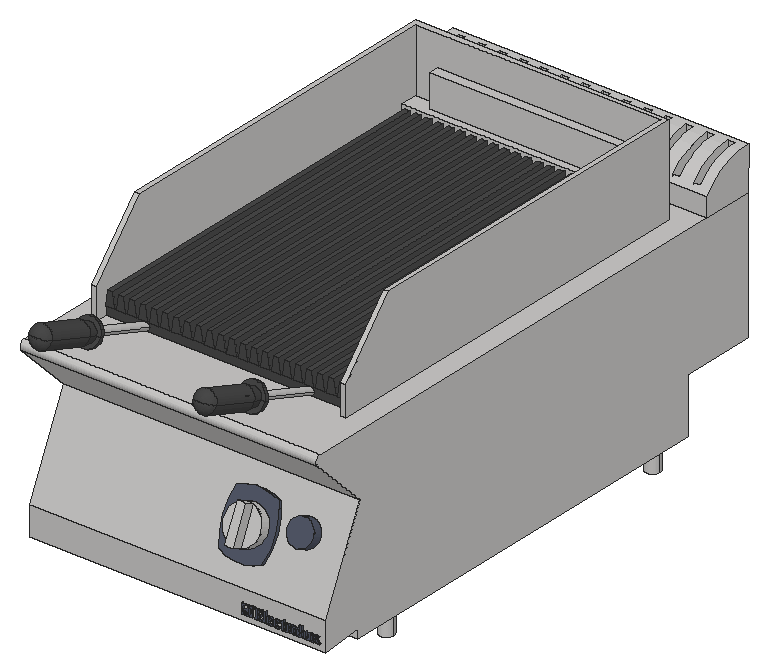
Revit family "QF_ELECTROLUXPROFESSIONAL_371044_E7GRGDLC00", category Specialty Equipment, Revit 2018
Family settings
  Round Connector Dimension = Use Diameter
  Part Type = Normal
  Work Plane-Based = No
  Always vertical = Yes
  Cut with Voids When Loaded = No
  Shared = No
  Room Calculation Point = No
Parameters
  Width = 400.05 mm  # constant formula
  Weight in Pounds = 71  # constant formula
  Watts = 0 W
  URL Cutsheet = "www.electrolux.com/foodservice"
  URL = "www.electrolux.com/foodservice"
  Type Mark [instance] = ""
  Status [instance] = ""
  Specification by User [instance] = ""
  Specification by Manufacturer = ""
  Show Logo [instance] = yes
  Show Clearance [instance] = yes
  Serial Number = ""
  Seismic Rating = ""
  SMACNA No = ""
  Revision Code [instance] = ""
  Omniclass Number and Title = ""
  NAFEM Spec ID Number = ""
  Model = "371044"
  Mechanical Remarks = ""
  Mechanical Connection Type = ""
  Masterspec = ""
  Manufacturer = "ELECTROLUX"
  Item Number [instance] = ""
  Installed By [instance] = ""
  Identify Quantity as Lot [instance] = yes
  Height = 396 mm  # constant formula
  HP = "0 HP"
  Gas Size = 12.7 mm  # 1/2"
  Gas RI Height [instance] = 0 mm
  Gas KW = 7  # constant formula
  Gas Input [instance] = 6993.55 VA  # 23863.0 Btu/h
  Gas Connection Height = 0 mm
  Furnished By [instance] = ""
  Foodservice Equipment Identifier [instance] = yes
  Direct Waste Size = 0"
  Description = "700XP Half Module Gas Lava Stone Grill Top"
  Depth = 730.25 mm  # constant formula
  CSI MasterFormat = ""
  CSI Master Format = ""
  Base Height [instance] = 23.813 mm  # constant formula
  Assembly Code = ""
Reference planes
  plane 1 "BACK": y = 0
  plane 2: z = 0
  plane 3 "LEFT": x = 0
  plane 4 "RIGHT": x = 400.05
  plane 5 "FRONT": y = -730.25
  plane 6 "TOP": z = 288.925
  plane 7 "Center Y": x = 200.025
  plane 8 "Center X": y = -365.125
  plane 9 "BASE": z = 23.813
  plane 10 "TOP A": z = 274.638
  plane 11: y = -597.884
  plane 12: y = -147.637
  plane 13: z = 396
Forms (mm)
  Extrusion 1, solid, material "QF_Finishes_Stainless Steel"
    sketch origin (0, 0, 0) x (0, 1, 0) y (0, 0, 1)
      loop
        line (0, 274.638) -> (-723.112, 274.638)
        arc (-723.112, 274.638) -> (-729.807, 270.164) -> (-728.236, 262.266) r 7.247
        line (-728.236, 262.266) -> (-657.416, 191.447) -> (-713.772, 69.003) -> (-713.772, 30.903) -> (-660.4, 36.513) -> (-660.4, 23.812) -> (-101.6, 23.812) -> (-101.6, 98.425) -> (0, 98.425) -> (0, 274.638)
    from 0 to 400.05
  Extrusion 2, solid, material "QF_Finishes_Stainless Steel"
    sketch origin (0, 0, 0) x (1, 0, 0) y (0, 1, 0)
      loop
        circle (11.112, -147.638) r 9.525
      loop
        circle (11.112, -597.884) r 9.525
      loop
        circle (388.937, -147.638) r 9.525
      loop
        circle (388.937, -597.884) r 9.525
    from 0 to 23.813
  Extrusion 3, solid, material "QF_Finishes_Navy Blue", visible <- "Show Logo"
    sketch origin (0, -713.772, 30.903) x (0, 0, 1) y (-1, 0, 0)
      loop
        line (20.674, -296.698) -> (8.307, -296.698)
        arc (8.307, -296.698) -> (14.491, -301.27) -> (20.674, -296.698) r 6.467
      loop
        arc (20.674, -296.069) -> (19.505, -290.926) -> (14.849, -288.448) r 6.338
        line (14.849, -288.448) -> (14.849, -290.494)
        arc (14.849, -290.494) -> (16.333, -294.149) -> (19.778, -296.069) r 5.941
        line (19.778, -296.069) -> (20.674, -296.069)
      loop
        arc (9.203, -296.069) -> (12.648, -294.149) -> (14.132, -290.494) r 5.941
        line (14.132, -290.494) -> (14.132, -288.448)
        arc (14.132, -288.448) -> (9.438, -290.922) -> (8.148, -296.069) r 6.504
        line (8.148, -296.069) -> (9.203, -296.069)
      loop
        line (21.349, -287.979) -> (7.604, -287.979) -> (7.604, -301.742) -> (21.349, -301.742) -> (21.349, -287.979)
      loop
        arc (21.432, -304.71) -> (21.085, -304.352) -> (20.718, -304.69) r 0.358
        arc (20.718, -304.69) -> (20.404, -305.44) -> (19.687, -305.825) r 1.216
        line (19.687, -305.825) -> (9.274, -305.825)
        arc (9.274, -305.825) -> (8.614, -305.548) -> (8.218, -304.951) r 1.238
        arc (8.218, -304.951) -> (7.823, -304.7) -> (7.518, -305.054) r 0.358
        line (7.518, -305.054) -> (7.518, -314.933) -> (10.269, -314.933) -> (10.269, -314.036)
        arc (10.269, -314.036) -> (9.36, -313.456) -> (8.904, -312.479) r 1.928
        line (8.904, -312.479) -> (8.904, -309.98)
        arc (8.904, -309.98) -> (9.18, -309.251) -> (9.868, -308.887) r 1.101
        line (9.868, -308.887) -> (13.955, -308.887) -> (13.955, -312.561)
        arc (13.955, -312.561) -> (13.602, -313.058) -> (13.037, -313.286) r 1.083
        arc (13.037, -313.286) -> (12.773, -313.591) -> (13.065, -313.869) r 0.292
        line (13.065, -313.869) -> (16.028, -313.869)
        arc (16.028, -313.869) -> (16.33, -313.596) -> (16.092, -313.266) r 0.305
        arc (16.092, -313.266) -> (15.601, -313.018) -> (15.296, -312.561) r 1.083
        line (15.296, -312.561) -> (15.296, -308.887) -> (19.973, -308.887) -> (19.973, -312.635)
        arc (19.973, -312.635) -> (19.759, -313.39) -> (19.153, -313.888) r 1.314
        arc (19.153, -313.888) -> (18.934, -314.292) -> (19.288, -314.585) r 0.361
        line (19.288, -314.585) -> (21.432, -314.585) -> (21.432, -304.71)
      loop
        arc (20.715, -315.365) -> (20.335, -316.284) -> (19.416, -316.664) r 1.299
        line (19.416, -316.664) -> (9.837, -316.664)
        arc (9.837, -316.664) -> (8.999, -316.286) -> (8.728, -315.408) r 1.118
        line (8.728, -315.408) -> (7.518, -315.408) -> (7.518, -320.758) -> (8.706, -320.758)
        arc (8.706, -320.758) -> (8.978, -319.841) -> (9.848, -319.445) r 1.153
        line (9.848, -319.445) -> (21.92, -319.445) -> (20.715, -315.365)
      loop
        line (12.483, -323.394) -> (12.483, -329.842) -> (13.282, -329.842)
        arc (13.282, -329.842) -> (15.862, -328.857) -> (17.131, -326.404) r 3.874
        line (17.131, -326.404) -> (17.131, -324.643)
        arc (17.131, -324.643) -> (15.944, -321.778) -> (13.08, -320.592) r 4.051
        line (13.08, -320.592) -> (11.072, -320.592)
        arc (11.072, -320.592) -> (8.253, -322.077) -> (7.202, -325.084) r 4.352
        arc (7.202, -325.084) -> (7.566, -327.547) -> (8.943, -329.621) r 5.713
        line (8.943, -329.621) -> (9.892, -329.621)
        arc (9.892, -329.621) -> (9.16, -328.052) -> (8.943, -326.334) r 5.579
        arc (8.943, -326.334) -> (9.737, -324.371) -> (11.616, -323.394) r 3.057
        line (11.616, -323.394) -> (12.483, -323.394)
      loop
        line (13.742, -323.394) -> (13.742, -326.977)
        arc (13.742, -326.977) -> (15.199, -327.024) -> (16.082, -325.864) r 1.59
        line (16.082, -325.864) -> (16.082, -325.034)
        arc (16.082, -325.034) -> (15.217, -323.779) -> (13.742, -323.394) r 2.184
      loop
        arc (16.533, -339.259) -> (17.022, -337.585) -> (17.179, -335.848) r 9.023
        line (17.179, -335.848) -> (17.179, -334.486)
        arc (17.179, -334.486) -> (16.02, -331.686) -> (13.22, -330.527) r 3.959
        line (13.22, -330.527) -> (10.62, -330.527)
        arc (10.62, -330.527) -> (8.338, -331.819) -> (7.221, -334.192) r 4.331
        line (7.221, -334.192) -> (7.221, -336.327)
        arc (7.221, -336.327) -> (7.729, -337.877) -> (8.651, -339.223) r 5.772
        arc (8.651, -339.223) -> (9.412, -339.274) -> (9.499, -338.515) r 0.553
        arc (9.499, -338.515) -> (9.111, -337.781) -> (8.977, -336.962) r 2.573
        line (8.977, -336.962) -> (8.977, -335.447)
        arc (8.977, -335.447) -> (9.983, -333.806) -> (11.798, -333.163) r 2.884
        line (11.798, -333.163) -> (13.077, -333.163)
        arc (13.077, -333.163) -> (14.898, -333.723) -> (15.824, -335.388) r 2.554
        line (15.824, -335.388) -> (15.824, -336.441)
        arc (15.824, -336.441) -> (15.493, -337.369) -> (14.836, -338.104) r 2.564
        arc (14.836, -338.104) -> (14.614, -338.821) -> (15.223, -339.259) r 0.643
        line (15.223, -339.259) -> (16.533, -339.259)
      loop
        line (15.515, -339.53) -> (15.515, -341.031) -> (9.467, -341.031)
        arc (9.467, -341.031) -> (7.879, -341.688) -> (7.221, -343.276) r 2.246
        line (7.221, -343.276) -> (7.221, -344.86)
        arc (7.221, -344.86) -> (7.535, -345.725) -> (8.035, -346.496) r 4.06
        arc (8.035, -346.496) -> (8.768, -346.629) -> (9.019, -345.928) r 0.576
        arc (9.019, -345.928) -> (8.913, -345.403) -> (8.977, -344.87) r 1.69
        arc (8.977, -344.87) -> (9.519, -344.082) -> (10.425, -343.779) r 1.506
        line (10.425, -343.779) -> (15.563, -343.779) -> (15.563, -346.176) -> (16.119, -346.733) -> (16.941, -346.733) -> (16.941, -343.873) -> (20.172, -343.873) -> (15.515, -339.53)
      loop
        line (7.438, -347.63) -> (7.438, -353.017) -> (8.548, -353.017)
        arc (8.548, -353.017) -> (8.942, -352.066) -> (9.893, -351.672) r 1.345
        line (9.893, -351.672) -> (13.509, -351.672)
        arc (13.509, -351.672) -> (14.274, -352.264) -> (14.564, -353.186) r 1.615
        line (14.564, -353.186) -> (14.564, -354.742) -> (17.119, -355.427) -> (17.119, -354.044) -> (15.177, -351.485) -> (17.057, -351.485) -> (16.773, -348.779)
        arc (16.773, -348.779) -> (16.333, -348.249) -> (15.674, -348.45) r 0.621
        arc (15.674, -348.45) -> (15.274, -348.792) -> (14.78, -348.975) r 1.501
        line (14.78, -348.975) -> (9.893, -348.975)
        arc (9.893, -348.975) -> (8.942, -348.581) -> (8.548, -347.63) r 1.345
        line (8.548, -347.63) -> (7.438, -347.63)
      loop
        line (13.54, -354.964) -> (10.848, -354.964)
        arc (10.848, -354.964) -> (8.403, -356.272) -> (7.269, -358.803) r 4.288
        arc (7.269, -358.803) -> (7.205, -360.183) -> (7.269, -361.563) r 15.022
        arc (7.269, -361.563) -> (8.403, -364.094) -> (10.848, -365.401) r 4.288
        line (10.848, -365.401) -> (13.54, -365.401)
        arc (13.54, -365.401) -> (15.986, -364.094) -> (17.119, -361.563) r 4.288
        arc (17.119, -361.563) -> (17.183, -360.183) -> (17.119, -358.803) r 15.022
        arc (17.119, -358.803) -> (15.986, -356.272) -> (13.54, -354.964) r 4.288
      loop
        line (13.745, -358.078) -> (10.643, -358.078)
        arc (10.643, -358.078) -> (8.486, -360.235) -> (10.643, -362.392) r 2.157
        line (10.643, -362.392) -> (13.745, -362.392)
        arc (13.745, -362.392) -> (15.902, -360.235) -> (13.745, -358.078) r 2.157
      loop
        arc (20.726, -365.26) -> (20.355, -366.154) -> (19.461, -366.524) r 1.264
        line (19.461, -366.524) -> (9.597, -366.524)
        arc (9.597, -366.524) -> (8.727, -366.127) -> (8.455, -365.211) r 1.153
        line (8.455, -365.211) -> (7.518, -365.211) -> (7.518, -370.319) -> (8.446, -370.319)
        arc (8.446, -370.319) -> (8.805, -369.547) -> (9.597, -369.232) r 1.153
        line (9.597, -369.232) -> (21.92, -369.232) -> (20.726, -365.26)
      loop
        arc (15.846, -369.857) -> (15.647, -370.921) -> (14.678, -371.403) r 1.215
        line (14.678, -371.403) -> (9.658, -371.403)
        arc (9.658, -371.403) -> (8.043, -372.051) -> (7.322, -373.634) r 2.338
        line (7.322, -373.634) -> (7.322, -375.148)
        arc (7.322, -375.148) -> (7.497, -376.152) -> (7.999, -377.038) r 2.979
        line (7.999, -377.038) -> (7.518, -378.835) -> (7.518, -380.524) -> (16.943, -380.524) -> (16.649, -376.32) -> (15.863, -376.32)
        arc (15.863, -376.32) -> (15.507, -377.156) -> (14.755, -377.665) r 1.605
        line (14.755, -377.665) -> (9.652, -377.665)
        arc (9.652, -377.665) -> (9.232, -376.728) -> (9.159, -375.704) r 2.94
        arc (9.159, -375.704) -> (9.72, -374.603) -> (10.873, -374.16) r 1.724
        line (10.873, -374.16) -> (17.07, -374.16) -> (15.846, -369.857)
      loop
        line (16.874, -381.377) -> (15.202, -383.423) -> (12.028, -385.729) -> (8.572, -382.617)
        arc (8.572, -382.617) -> (8.335, -382.223) -> (8.357, -381.764) r 0.789
        line (8.357, -381.764) -> (7.518, -381.764) -> (7.518, -385.309) -> (8.344, -385.309)
        arc (8.344, -385.309) -> (8.686, -384.947) -> (9.176, -385.039) r 0.52
        line (9.176, -385.039) -> (10.976, -386.51) -> (8.858, -387.886)
        arc (8.858, -387.886) -> (8.457, -387.576) -> (8.37, -387.076) r 0.7
        line (8.37, -387.076) -> (7.518, -387.076) -> (7.518, -393.003) -> (8.405, -393.003)
        arc (8.405, -393.003) -> (8.472, -392.344) -> (8.866, -391.813) r 1.247
        line (8.866, -391.813) -> (13.066, -388.532) -> (15.513, -390.585) -> (16.874, -392.327) -> (16.874, -388.604) -> (15.389, -389.026) -> (13.868, -387.749) -> (15.568, -386.559) -> (16.874, -387.336) -> (16.874, -381.377)
    from 0 to 1.644
  Extrusion 4, solid, material "QF_Finishes_Stainless Steel"
    sketch origin (0, -101.6, 101.6) x (0, 0, -1) y (-1, 0, 0)
      loop
        circle (43.882, -347.663) r 6.35
    from 0 to 3.175
  Extrusion 5, solid, material "QF_Finishes_Clearance", visible <- "Show Clearance", detail levels coarse
    sketch origin (0, 0, 0) x (1, 0, 0) y (0, 1, 0)
      loop
        line (0, -730.25) -> (0, 0) -> (400.05, 0) -> (400.05, -730.25) -> (550.069, -730.25) -> (550.069, 150.019) -> (-150.019, 150.019) -> (-150.019, -730.25) -> (0, -730.25)
    from 0 to 396
  Extrusion 6, solid, material "QF_Finishes_Stainless Steel"
    sketch origin (0, 0, 0) x (0, 1, 0) y (0, 0, 1)
      loop
        line (0, 274.638) -> (0, 333.375)
        arc (0, 333.375) -> (-38.879, 324.991) -> (-69.85, 300.038) r 86.156
        line (-69.85, 300.038) -> (-69.85, 274.638) -> (0, 274.638)
    from 0 to 400.05
  Extrusion 7, void
    sketch origin (0, 0, 274.638) x (-1, 0, 0) y (0, -1, 0)
      loop
        line (-13.453, 6.761) -> (-13.453, 63.911) -> (-22.749, 63.911) -> (-22.749, 6.761) -> (-13.453, 6.761)
    from 25.4 to 63.5
  Extrusion 8, void
    sketch origin (400.05, 0, 274.638) x (1, 0, 0) y (0, 1, 0)
      loop
        line (-13.453, -6.761) -> (-22.749, -6.761) -> (-22.749, -63.911) -> (-13.453, -63.911) -> (-13.453, -6.761)
    from 25.4 to 63.5
  Extrusion 9, void
    sketch origin (27.988, 0, 274.638) x (-1, 0, 0) y (0, -1, 0)
      loop
        line (-13.453, 6.761) -> (-13.453, 63.911) -> (-22.749, 63.911) -> (-22.749, 6.761) -> (-13.453, 6.761)
    from 25.4 to 63.5
  Extrusion 10, void
    sketch origin (55.977, 0, 274.638) x (-1, 0, 0) y (0, -1, 0)
      loop
        line (-13.453, 6.761) -> (-13.453, 63.911) -> (-22.749, 63.911) -> (-22.749, 6.761) -> (-13.453, 6.761)
    from 25.4 to 63.5
  Extrusion 11, void
    sketch origin (83.965, 0, 274.638) x (-1, 0, 0) y (0, -1, 0)
      loop
        line (-13.453, 6.761) -> (-13.453, 63.911) -> (-22.749, 63.911) -> (-22.749, 6.761) -> (-13.453, 6.761)
    from 25.4 to 63.5
  Extrusion 12, void
    sketch origin (111.953, 0, 274.638) x (-1, 0, 0) y (0, -1, 0)
      loop
        line (-13.453, 6.761) -> (-13.453, 63.911) -> (-22.749, 63.911) -> (-22.749, 6.761) -> (-13.453, 6.761)
    from 25.4 to 63.5
  Extrusion 13, void
    sketch origin (139.942, 0, 274.638) x (-1, 0, 0) y (0, -1, 0)
      loop
        line (-13.453, 6.761) -> (-13.453, 63.911) -> (-22.749, 63.911) -> (-22.749, 6.761) -> (-13.453, 6.761)
    from 25.4 to 63.5
  Extrusion 14, void
    sketch origin (167.93, 0, 274.638) x (-1, 0, 0) y (0, -1, 0)
      loop
        line (-13.453, 6.761) -> (-13.453, 63.911) -> (-22.749, 63.911) -> (-22.749, 6.761) -> (-13.453, 6.761)
    from 25.4 to 63.5
  Extrusion 15, void
    sketch origin (195.918, 0, 274.638) x (-1, 0, 0) y (0, -1, 0)
      loop
        line (-13.453, 6.761) -> (-13.453, 63.911) -> (-22.749, 63.911) -> (-22.749, 6.761) -> (-13.453, 6.761)
    from 25.4 to 63.5
  Extrusion 16, void
    sketch origin (223.907, 0, 274.638) x (-1, 0, 0) y (0, -1, 0)
      loop
        line (-13.453, 6.761) -> (-13.453, 63.911) -> (-22.749, 63.911) -> (-22.749, 6.761) -> (-13.453, 6.761)
    from 25.4 to 63.5
  Extrusion 17, void
    sketch origin (251.895, 0, 274.638) x (-1, 0, 0) y (0, -1, 0)
      loop
        line (-13.453, 6.761) -> (-13.453, 63.911) -> (-22.749, 63.911) -> (-22.749, 6.761) -> (-13.453, 6.761)
    from 25.4 to 63.5
  Extrusion 18, void
    sketch origin (279.884, 0, 274.638) x (-1, 0, 0) y (0, -1, 0)
      loop
        line (-13.453, 6.761) -> (-13.453, 63.911) -> (-22.749, 63.911) -> (-22.749, 6.761) -> (-13.453, 6.761)
    from 25.4 to 63.5
  Extrusion 19, void
    sketch origin (307.872, 0, 274.638) x (-1, 0, 0) y (0, -1, 0)
      loop
        line (-13.453, 6.761) -> (-13.453, 63.911) -> (-22.749, 63.911) -> (-22.749, 6.761) -> (-13.453, 6.761)
    from 25.4 to 63.5
  Extrusion 20, void
    sketch origin (335.86, 0, 274.638) x (-1, 0, 0) y (0, -1, 0)
      loop
        line (-13.453, 6.761) -> (-13.453, 63.911) -> (-22.749, 63.911) -> (-22.749, 6.761) -> (-13.453, 6.761)
    from 25.4 to 63.5
  Sweep 21, solid, material "QF_Finishes_Stainless Steel"
    path origin (0, -2.381, 274.638) x (-1, 0, 0) y (0, -1, 0)
      loop
        line (-365.025, 642.504) -> (-365.025, 102.504) -> (-35.025, 102.504) -> (-35.025, 642.504)
    profile origin (35.025, -374.885, 274.638) x (1, 0, 0) y (0, 0, 1)
      loop
        line (-6.35, 0) -> (0, 0) -> (0, 121.362) -> (-6.35, 121.362) -> (-6.35, 0)
  Extrusion 22, void
    sketch origin (28.675, -98.535, 274.638) x (0, 1, 0) y (0, 0, 1)
      loop
        line (-546.35, 40.481) -> (-473.32, 121.363) -> (-546.35, 121.363) -> (-546.35, 40.481)
    from 0 to 6.35
  Extrusion 23, void
    sketch origin (371.375, -644.885, 274.638) x (0, -1, 0) y (0, 0, 1)
      loop
        line (0, 40.481) -> (0, 121.362) -> (-73.03, 121.362) -> (0, 40.481)
    from 0 to 6.35
  Extrusion 24, solid, material "QF_Finishes_Navy Blue"
    sketch origin (115.244, -713.772, 69.003) x (0, 0.418102, 0.9084) y (-1, 0, 0)
      loop
        arc (102.623, -132.62) -> (67.041, -124.996) -> (31.333, -132.003) r 90.5
        arc (31.333, -132.003) -> (24.507, -161.19) -> (31.333, -190.378) r 65.817
        arc (31.333, -190.378) -> (67.04, -197.338) -> (102.623, -189.765) r 91.066
        arc (102.623, -189.765) -> (109.179, -161.193) -> (102.623, -132.62) r 65.546
    from 0 to 3.175
  Extrusion 25, solid, material "QF_Finishes_Stainless Steel"
    sketch origin (115.244, -717.485, 68.529) x (0, 0.418102, 0.9084) y (-1, 0, 0)
      loop
        circle (68.826, -160.963) r 25.4
    from 0 to 12.7
  Extrusion 26, solid, material "QF_Finishes_Stainless Steel"
    sketch origin (115.244, -729.022, 73.839) x (0, 0.418102, 0.9084) y (-1, 0, 0)
      loop
        arc (93.558, -166.749) -> (94.226, -160.963) -> (93.558, -155.177) r 25.4
        line (93.558, -155.177) -> (44.094, -155.177)
        arc (44.094, -155.177) -> (43.426, -160.963) -> (44.094, -166.749) r 25.4
        line (44.094, -166.749) -> (93.558, -166.749)
    from 0 to 12.7
  Extrusion 27, solid, material "QF_Finishes_Navy Blue"
    sketch origin (0, -711.681, 73.545) x (0, 0.418102, 0.9084) y (-1, 0, 0)
      loop
        circle (76.064, -347.683) r 17.78
    from 0 to 12.7
  Extrusion 28, solid, material "QF_Finishes_Black"
    sketch origin (0, 0, 274.638) x (0, -1, 0) y (1, 0, 0)
      loop
        line (629.799, 35.025) -> (629.799, 365.025) -> (130.285, 365.025) -> (130.285, 35.025) -> (629.799, 35.025)
    from 0 to 12.7
  Extrusion 29, solid, material "QF_Finishes_Stainless Steel"
    sketch origin (0, 0, 274.638) x (0, -1, 0) y (1, 0, 0)
      loop
        line (130.285, 36.446) -> (130.285, 363.471) -> (107.795, 363.471) -> (107.795, 36.446) -> (130.285, 36.446)
    from 0 to 37.056
  Extrusion 30, solid, material "QF_Finishes_Stainless Steel"
    sketch origin (27.525, -633.969, 275.303) x (1, 0, 0) y (0, 0.34202, 0.939693)
      loop
        circle (61.287, 5.861) r 5
    from -3.7 to 98.551
  Extrusion 31, solid, material "QF_Finishes_Stainless Steel"
    sketch origin (372.525, -633.969, 275.303) x (-1, 0, 0) y (0, -0.34202, -0.939693)
      loop
        circle (61.287, -5.861) r 5
    from -3.7 to 98.551
  Extrusion 32, solid, material "QF_Finishes_Stainless Steel"
    sketch origin (0, 0, 311.693) x (0, -1, 0) y (1, 0, 0)
      loop
        line (107.795, 66.394) -> (120.723, 66.394) -> (120.723, 333.656) -> (107.795, 333.656) -> (107.795, 66.394)
    from 0 to 43.675
  Revolve 33, solid, material "QF_Finishes_Black"
    sketch origin (20, -80.514, 80.124) x (-1, 0, 0) y (0, -0.939693, 0.34202)
      loop
        line (-68.646, 685.384) -> (-50.452, 685.384) -> (-50.452, 689.246) -> (-56.809, 689.246) -> (-54.08, 704.719) -> (-54.08, 772.936)
        arc (-54.08, 772.936) -> (-59.651, 780.542) -> (-68.646, 783.364) r 15.108
        line (-68.646, 783.364) -> (-68.646, 685.384)
      axis (-68.875, 685.384) -> (-68.875, 783.364)
    angle from 0 to 360
  Extrusion 34, solid, material "QF_Finishes_Stainless Steel"
    sketch origin (388.95, 175.397, 1219.2) x (0, 1, 0) y (0, 0, 1)
      loop
        line (-276.997, -1195.388) -> (-840.343, -1195.388) -> (-840.343, -1215.388) -> (-837.168, -1215.388) -> (-837.168, -1198.588) -> (-816.997, -1198.588) -> (-816.997, -1215.388) -> (-276.997, -1215.388) -> (-276.997, -1195.388)
    from -287.35 to -90.5
  Extrusion 35, solid, material "QF_Finishes_Drawer Clearance", visible <- "Show Clearance", detail levels coarse
    sketch origin (388.95, -664.946, 23.813) x (0, 0, -1) y (1, 0, 0)
      loop
        line (0, -287.35) -> (20, -287.35) -> (20, -90.5) -> (0, -90.5) -> (0, -287.35)
    from 0 to 536.054
  Revolve 36, solid, material "QF_Finishes_Black"
    sketch origin (380.05, -80.514, 80.124) x (1, 0, 0) y (0, 0.939693, -0.34202)
      loop
        line (-68.646, -685.384) -> (-68.646, -783.364)
        arc (-68.646, -783.364) -> (-59.651, -780.542) -> (-54.08, -772.936) r 15.108
        line (-54.08, -772.936) -> (-54.08, -704.719) -> (-56.809, -689.246) -> (-50.452, -689.246) -> (-50.452, -685.384) -> (-68.646, -685.384)
      axis (-68.875, -685.384) -> (-68.875, -783.364)
    angle from 0 to 360
Cuts and joins
  Extrusion 7, Extrusion 8, Extrusion 9, Extrusion 10, Extrusion 11, Extrusion 12, Extrusion 13, Extrusion 14, Extrusion 15, Extrusion 16, Extrusion 17, Extrusion 18, Extrusion 19, Extrusion 20 cuts Extrusion 6
  Extrusion 22, Extrusion 23 cuts Sweep 21
Lines and regions (mm)
  symbolic lines, style "QF-Clearances", visible <- "Show Clearance", detail levels coarse
    curve 1: line (-150.019, 150.019, 274.638) -> (-150.019, -730.25, 274.638)
    curve 2: line (550.069, 150.019, 274.638) -> (-150.019, 150.019, 274.638)
    curve 3: line (550.069, -730.25, 274.638) -> (550.069, 150.019, 274.638)
  symbolic lines
    curve 4: line (0, 0, 274.638) -> (400.05, 0, 274.638)
    curve 5: line (0, -730.25, 274.638) -> (0, 0, 274.638)
    curve 6: line (400.05, 0, 274.638) -> (400.05, -730.25, 274.638)
    curve 7: line (35.025, -104.885, 274.638) -> (35.025, -644.885, 274.638)
    curve 8: line (28.675, -644.885, 274.638) -> (35.025, -644.885, 274.638)
    curve 9: line (365.025, -644.885, 274.638) -> (365.025, -104.885, 274.638)
    curve 10: line (365.025, -104.885, 274.638) -> (35.025, -104.885, 274.638)
    curve 11: line (0, -69.85, 274.638) -> (400.05, -69.85, 274.638)
    curve 12: line (400.05, -730.25, 274.638) -> (330.271, -730.25, 274.638)
    curve 13: line (28.675, -98.535, 274.638) -> (28.675, -644.885, 274.638)
    curve 14: line (28.675, -98.535, 274.638) -> (371.375, -98.535, 274.638)
    curve 15: line (371.375, -98.535, 274.638) -> (371.375, -644.885, 274.638)
    curve 16: line (13.453, -6.761, 274.638) -> (22.749, -6.761, 274.638)
    curve 17: line (13.453, -63.911, 274.638) -> (13.453, -6.761, 274.638)
    curve 18: line (22.749, -63.911, 274.638) -> (13.453, -63.911, 274.638)
    curve 19: line (22.749, -6.761, 274.638) -> (22.749, -63.911, 274.638)
    curve 20: line (41.441, -6.761, 274.638) -> (50.737, -6.761, 274.638)
    curve 21: line (41.441, -63.911, 274.638) -> (41.441, -6.761, 274.638)
    curve 22: line (50.737, -63.911, 274.638) -> (41.441, -63.911, 274.638)
    curve 23: line (50.737, -6.761, 274.638) -> (50.737, -63.911, 274.638)
    curve 24: line (69.43, -6.761, 274.638) -> (78.725, -6.761, 274.638)
    curve 25: line (69.43, -63.911, 274.638) -> (69.43, -6.761, 274.638)
    curve 26: line (78.725, -63.911, 274.638) -> (69.43, -63.911, 274.638)
    curve 27: line (78.725, -6.761, 274.638) -> (78.725, -63.911, 274.638)
    curve 28: line (97.418, -6.761, 274.638) -> (106.714, -6.761, 274.638)
    curve 29: line (97.418, -63.911, 274.638) -> (97.418, -6.761, 274.638)
    curve 30: line (106.714, -63.911, 274.638) -> (97.418, -63.911, 274.638)
    curve 31: line (106.714, -6.761, 274.638) -> (106.714, -63.911, 274.638)
    curve 32: line (125.406, -6.761, 274.638) -> (134.702, -6.761, 274.638)
    curve 33: line (125.406, -63.911, 274.638) -> (125.406, -6.761, 274.638)
    curve 34: line (134.702, -63.911, 274.638) -> (125.406, -63.911, 274.638)
    curve 35: line (134.702, -6.761, 274.638) -> (134.702, -63.911, 274.638)
    curve 36: line (153.395, -6.761, 274.638) -> (162.69, -6.761, 274.638)
    curve 37: line (153.395, -63.911, 274.638) -> (153.395, -6.761, 274.638)
    curve 38: line (162.69, -63.911, 274.638) -> (153.395, -63.911, 274.638)
    curve 39: line (162.69, -6.761, 274.638) -> (162.69, -63.911, 274.638)
    curve 40: line (181.383, -6.761, 274.638) -> (190.679, -6.761, 274.638)
    curve 41: line (181.383, -63.911, 274.638) -> (181.383, -6.761, 274.638)
    curve 42: line (190.679, -63.911, 274.638) -> (181.383, -63.911, 274.638)
    curve 43: line (190.679, -6.761, 274.638) -> (190.679, -63.911, 274.638)
    curve 44: line (209.371, -6.761, 274.638) -> (218.667, -6.761, 274.638)
    curve 45: line (209.371, -63.911, 274.638) -> (209.371, -6.761, 274.638)
    curve 46: line (218.667, -63.911, 274.638) -> (209.371, -63.911, 274.638)
    curve 47: line (218.667, -6.761, 274.638) -> (218.667, -63.911, 274.638)
    curve 48: line (237.36, -6.761, 274.638) -> (246.655, -6.761, 274.638)
    curve 49: line (237.36, -63.911, 274.638) -> (237.36, -6.761, 274.638)
    curve 50: line (246.655, -63.911, 274.638) -> (237.36, -63.911, 274.638)
    curve 51: line (246.655, -6.761, 274.638) -> (246.655, -63.911, 274.638)
    curve 52: line (265.348, -6.761, 274.638) -> (274.644, -6.761, 274.638)
    curve 53: line (265.348, -63.911, 274.638) -> (265.348, -6.761, 274.638)
    curve 54: line (274.644, -63.911, 274.638) -> (265.348, -63.911, 274.638)
    curve 55: line (274.644, -6.761, 274.638) -> (274.644, -63.911, 274.638)
    curve 56: line (293.336, -6.761, 274.638) -> (302.632, -6.761, 274.638)
    curve 57: line (293.336, -63.911, 274.638) -> (293.336, -6.761, 274.638)
    curve 58: line (302.632, -63.911, 274.638) -> (293.336, -63.911, 274.638)
    curve 59: line (302.632, -6.761, 274.638) -> (302.632, -63.911, 274.638)
    curve 60: line (321.325, -6.761, 274.638) -> (330.62, -6.761, 274.638)
    curve 61: line (321.325, -63.911, 274.638) -> (321.325, -6.761, 274.638)
    curve 62: line (330.62, -63.911, 274.638) -> (321.325, -63.911, 274.638)
    curve 63: line (330.62, -6.761, 274.638) -> (330.62, -63.911, 274.638)
    curve 64: line (349.313, -6.761, 274.638) -> (358.609, -6.761, 274.638)
    curve 65: line (349.313, -63.911, 274.638) -> (349.313, -6.761, 274.638)
    curve 66: line (358.609, -63.911, 274.638) -> (349.313, -63.911, 274.638)
    curve 67: line (358.609, -6.761, 274.638) -> (358.609, -63.911, 274.638)
    curve 68: line (377.301, -6.761, 274.638) -> (386.597, -6.761, 274.638)
    curve 69: line (377.301, -63.911, 274.638) -> (377.301, -6.761, 274.638)
    curve 70: line (386.597, -63.911, 274.638) -> (377.301, -63.911, 274.638)
    curve 71: line (386.597, -6.761, 274.638) -> (386.597, -63.911, 274.638)
    curve 72: line (365.025, -644.885, 274.638) -> (371.375, -644.885, 274.638)
    curve 73: line (83.827, -631.964, 274.638) -> (83.827, -718.278, 274.638)
    curve 74: line (76.531, -727.889, 274.638) -> (73.751, -742.703, 274.638)
    curve 75: line (73.751, -742.703, 274.638) -> (73.751, -807.703, 274.638)
    curve 76: spline (102.332, -733.779, 274.638) -> (107.325, -730.91, 274.638) -> (109.346, -727.409, 274.638) -> (108.067, -723.842, 274.638) -> (103.696, -720.783, 274.638) -> (96.937, -718.725, 274.638) -> (88.879, -718, 274.638) -> (80.821, -718.725, 274.638) -> (74.061, -720.783, 274.638) -> (69.69, -723.842, 274.638) -> (68.412, -727.409, 274.638) -> (70.432, -730.91, 274.638) -> (75.426, -733.779, 274.638)
    curve 77: line (101.226, -727.889, 274.638) -> (104.006, -742.703, 274.638)
    curve 78: line (104.006, -742.703, 274.638) -> (104.006, -807.703, 274.638)
    curve 79: arc (73.751, -807.703, 274.638) -> (88.879, -817.688, 274.638) -> (104.006, -807.703, 274.638) r 16.452
    curve 80: arc (73.751, -742.703, 274.638) -> (88.879, -738.147, 274.638) -> (104.006, -742.703, 274.638) r 27.392
    curve 81: arc (73.751, -807.703, 274.638) -> (88.879, -802.035, 274.638) -> (104.006, -807.703, 274.638) r 23.021
    curve 82: arc (109.291, -727.771, 274.638) -> (88.698, -720.939, 274.638) -> (68.144, -727.889, 274.638) r 34.157
    curve 83: line (93.931, -631.964, 274.638) -> (93.931, -718.278, 274.638)
    curve 84: arc (76.531, -727.889, 274.638) -> (88.879, -723.9, 274.638) -> (101.226, -727.889, 274.638) r 21.105
    curve 85: line (69.779, -730.25, 274.638) -> (0, -730.25, 274.638)
    curve 86: line (316.223, -631.964, 274.638) -> (316.223, -718.278, 274.638)
    curve 87: line (306.119, -631.964, 274.638) -> (306.119, -718.278, 274.638)
    curve 88: line (36.446, -107.795, 274.638) -> (363.471, -107.795, 274.638)
    curve 89: line (36.446, -130.285, 274.638) -> (36.446, -107.795, 274.638)
    curve 90: line (363.471, -130.285, 274.638) -> (36.446, -130.285, 274.638)
    curve 91: line (363.471, -107.795, 274.638) -> (363.471, -130.285, 274.638)
    curve 92: line (66.394, -107.795, 274.638) -> (66.394, -120.723, 274.638)
    curve 93: line (66.394, -120.723, 274.638) -> (333.656, -120.723, 274.638)
    curve 94: line (333.656, -120.723, 274.638) -> (333.656, -107.795, 274.638)
    curve 95: line (292.071, -730.25, 274.638) -> (107.979, -730.25, 274.638)
    curve 96: line (298.824, -727.889, 274.638) -> (296.044, -742.703, 274.638)
    curve 97: line (296.044, -742.703, 274.638) -> (296.044, -807.703, 274.638)
    curve 98: spline (324.624, -733.779, 274.638) -> (329.618, -730.91, 274.638) -> (331.638, -727.409, 274.638) -> (330.36, -723.842, 274.638) -> (325.989, -720.783, 274.638) -> (319.229, -718.725, 274.638) -> (311.171, -718, 274.638) -> (303.113, -718.725, 274.638) -> (296.354, -720.783, 274.638) -> (291.983, -723.842, 274.638) -> (290.704, -727.409, 274.638) -> (292.725, -730.91, 274.638) -> (297.718, -733.779, 274.638)
    curve 99: line (323.519, -727.889, 274.638) -> (326.299, -742.703, 274.638)
    curve 100: line (326.299, -742.703, 274.638) -> (326.299, -807.703, 274.638)
    curve 101: arc (296.044, -807.703, 274.638) -> (311.171, -817.688, 274.638) -> (326.299, -807.703, 274.638) r 16.452
    curve 102: arc (296.044, -742.703, 274.638) -> (311.171, -738.147, 274.638) -> (326.299, -742.703, 274.638) r 27.392
    curve 103: arc (296.044, -807.703, 274.638) -> (311.171, -802.035, 274.638) -> (326.299, -807.703, 274.638) r 23.021
    curve 104: arc (331.583, -727.771, 274.638) -> (310.99, -720.939, 274.638) -> (290.436, -727.889, 274.638) r 34.157
    curve 105: arc (298.824, -727.889, 274.638) -> (311.171, -723.9, 274.638) -> (323.519, -727.889, 274.638) r 21.105
  symbolic lines, style "QF_Drawer Clearance"
    curve 106: line (101.6, -1201, 0) -> (101.6, -811.668, 0)
    curve 107: line (101.6, -1201, 0) -> (298.45, -1201, 0)
    curve 108: line (298.45, -1201, 0) -> (298.45, -811.668, 0)
Dimensions and locks
  equal spacing: plane 3 "LEFT", plane 7 "Center Y", plane 4 "RIGHT"
  "Width": plane 3 "LEFT" to plane 4 "RIGHT"
  equal spacing: plane 5 "FRONT", plane 8 "Center X", plane 1 "BACK"
  "Depth": plane 5 "FRONT" to plane 1 "BACK"
  plane 1 "BACK" to plane 5 "FRONT" = 730.25 mm
  "Base Height": plane 9 "BASE" to level
  locked: plane 10 "TOP A" to plane 9 "BASE" at 250.825
  plane 4 "RIGHT" to Extrusion 4 sketch curve = 52.388 mm
  Sweep 21 sketch curve to level = 396 mm
  plane 10 "TOP A" to plane 9 "BASE" = 250.825 mm
  plane 9 "BASE" to level = 23.813 mm
  equal spacing: group 1, group 3, group 4, group 5, group 6, group 7, group 8, group 9, group 10, group 11, group 12, group 13, group 14, group 15, group 16, group 17, group 18, group 19, group 20, group 21, group 22, group 2  (x3)
  "Height": plane 13 to level
  aligned and locked: level to plane 2
  aligned and locked: plane 4 "RIGHT" to Extrusion 1
  aligned and locked: plane 9 "BASE" to Extrusion 2
  aligned: plane 6 "TOP" to Extrusion 5
  aligned and locked: Extrusion 5 to plane 13
Automatic sketch dimensions
  plane 1 "BACK" to Extrusion 11 sketch curve = 6.761 mm
  Extrusion 11 sketch curve to plane 7 "Center Y" = 93.311 mm
  Extrusion 11 sketch curve to Extrusion 11 sketch curve = 9.296 mm
  Extrusion 11 sketch curve to Extrusion 11 sketch curve = 57.15 mm
  plane 1 "BACK" to Extrusion 12 sketch curve = 6.761 mm
  Extrusion 12 sketch curve to plane 7 "Center Y" = 65.323 mm
  Extrusion 12 sketch curve to Extrusion 12 sketch curve = 9.296 mm
  Extrusion 12 sketch curve to Extrusion 12 sketch curve = 57.15 mm
  plane 1 "BACK" to Extrusion 13 sketch curve = 6.761 mm
  Extrusion 13 sketch curve to plane 7 "Center Y" = 37.335 mm
  Extrusion 13 sketch curve to Extrusion 13 sketch curve = 9.296 mm
  Extrusion 13 sketch curve to Extrusion 13 sketch curve = 57.15 mm
  Extrusion 14 sketch curve to plane 7 "Center Y" = 9.346 mm
  Extrusion 14 sketch curve to Extrusion 14 sketch curve = 9.296 mm
  plane 1 "BACK" to Extrusion 14 sketch curve = 6.761 mm
  Extrusion 14 sketch curve to Extrusion 14 sketch curve = 57.15 mm
  plane 1 "BACK" to Extrusion 15 sketch curve = 6.761 mm
  plane 7 "Center Y" to Extrusion 15 sketch curve = 18.642 mm
  Extrusion 15 sketch curve to Extrusion 15 sketch curve = 9.296 mm
  Extrusion 15 sketch curve to Extrusion 15 sketch curve = 57.15 mm
  plane 1 "BACK" to Extrusion 16 sketch curve = 6.761 mm
  plane 7 "Center Y" to Extrusion 16 sketch curve = 46.63 mm
  Extrusion 16 sketch curve to Extrusion 16 sketch curve = 9.296 mm
  Extrusion 16 sketch curve to Extrusion 16 sketch curve = 57.15 mm
  plane 1 "BACK" to Extrusion 17 sketch curve = 6.761 mm
  plane 7 "Center Y" to Extrusion 17 sketch curve = 74.619 mm
  Extrusion 17 sketch curve to Extrusion 17 sketch curve = 9.296 mm
  Extrusion 17 sketch curve to Extrusion 17 sketch curve = 57.15 mm
  Extrusion 26 sketch curve to Extrusion 26 sketch curve = 24.732 mm
  Extrusion 26 sketch curve to Extrusion 26 sketch curve = 0 mm
  Extrusion 1 sketch curve to plane 10 "TOP A" = 0 mm
  Extrusion 1 sketch curve to plane 9 "BASE" = 0 mm
  Extrusion 1 sketch curve to plane 1 "BACK" = 0 mm
  Extrusion 1 sketch curve to plane 12 = 46.038 mm
  plane 11 to Extrusion 1 sketch curve = 59.531 mm
  plane 9 "BASE" to Extrusion 1 sketch curve = 12.7 mm
  plane 11 to Extrusion 1 sketch curve = 62.516 mm
  Extrusion 1 sketch curve to plane 5 "FRONT" = 16.478 mm
  Extrusion 1 sketch curve to plane 5 "FRONT" = 7.138 mm
  Extrusion 1 sketch curve to plane 5 "FRONT" = 2.014 mm
  plane 9 "BASE" to Extrusion 1 sketch curve = 7.09 mm
  Extrusion 1 sketch curve to Extrusion 1 sketch curve = 38.1 mm
  plane 9 "BASE" to Extrusion 1 sketch curve = 74.612 mm
  Extrusion 1 sketch curve to plane 10 "TOP A" = 83.191 mm
  Extrusion 1 sketch curve to plane 10 "TOP A" = 12.371 mm
  plane 11 to Extrusion 2 sketch curve = 0 mm  (x2)
  plane 12 to Extrusion 2 sketch curve = 0 mm  (x2)
  plane 3 "LEFT" to Extrusion 2 sketch curve = 11.112 mm  (x2)
  Extrusion 2 sketch curve to plane 4 "RIGHT" = 11.113 mm  (x2)
  Extrusion 3 sketch curve to Extrusion 1 = 2.161 mm
  Extrusion 3 sketch curve to Extrusion 1 = 7.202 mm
  Extrusion 3 sketch curve to Extrusion 1 = 7.221 mm  (x2)
  Extrusion 3 sketch curve to Extrusion 3 sketch curve = 5.108 mm  (x2)
  Extrusion 3 sketch curve to Extrusion 3 sketch curve = 0 mm  (x27)
  Extrusion 3 sketch curve to Extrusion 1 = 7.322 mm
  Extrusion 3 sketch curve to Extrusion 3 sketch curve = 0.218 mm
  Extrusion 3 sketch curve to Extrusion 3 sketch curve = 0.195 mm
  Extrusion 3 sketch curve to Extrusion 3 sketch curve = 0.249 mm
  Extrusion 3 sketch curve to Extrusion 1 = 7.518 mm
  Extrusion 3 sketch curve to Extrusion 3 sketch curve = 0.087 mm
  Extrusion 3 sketch curve to Extrusion 3 sketch curve = 0.358 mm
  Extrusion 3 sketch curve to Extrusion 3 sketch curve = 0.481 mm
  Extrusion 3 sketch curve to Extrusion 3 sketch curve = 0.597 mm
  Extrusion 3 sketch curve to Extrusion 3 sketch curve = 0.544 mm
  Extrusion 3 sketch curve to Extrusion 3 sketch curve = 0.936 mm
  Extrusion 3 sketch curve to Extrusion 3 sketch curve = 0.594 mm
  Extrusion 3 sketch curve to Extrusion 3 sketch curve = 0.343 mm
  Extrusion 3 sketch curve to Extrusion 3 sketch curve = 0.159 mm
  Extrusion 3 sketch curve to Extrusion 3 sketch curve = 0.826 mm
  Extrusion 3 sketch curve to Extrusion 3 sketch curve = 0.839 mm
  Extrusion 3 sketch curve to Extrusion 3 sketch curve = 0.852 mm
  Extrusion 3 sketch curve to Extrusion 3 sketch curve = 0.887 mm
  Extrusion 3 sketch curve to Extrusion 3 sketch curve = 0.928 mm
  Extrusion 3 sketch curve to Extrusion 3 sketch curve = 0.938 mm
  Extrusion 3 sketch curve to Extrusion 3 sketch curve = 0.444 mm
  Extrusion 3 sketch curve to Extrusion 3 sketch curve = 1.11 mm  (x3)
  Extrusion 3 sketch curve to Extrusion 3 sketch curve = 0.215 mm
  Extrusion 3 sketch curve to Extrusion 3 sketch curve = 1.43 mm
  Extrusion 3 sketch curve to Extrusion 3 sketch curve = 1.188 mm
  Extrusion 3 sketch curve to Extrusion 3 sketch curve = 1.21 mm  (x2)
  Extrusion 3 sketch curve to Extrusion 3 sketch curve = 0.503 mm
  Extrusion 3 sketch curve to Extrusion 3 sketch curve = 0.488 mm
  Extrusion 3 sketch curve to Extrusion 3 sketch curve = 0.462 mm
  Extrusion 3 sketch curve to Extrusion 3 sketch curve = 1.386 mm
  Extrusion 3 sketch curve to Extrusion 3 sketch curve = 1.742 mm  (x2)
  Extrusion 3 sketch curve to Extrusion 3 sketch curve = 0.821 mm
  Extrusion 3 sketch curve to Extrusion 3 sketch curve = 0.497 mm
  Extrusion 3 sketch curve to Extrusion 3 sketch curve = 0.539 mm
  Extrusion 3 sketch curve to Extrusion 3 sketch curve = 0.686 mm
  Extrusion 3 sketch curve to Extrusion 3 sketch curve = 0.408 mm
  Extrusion 3 sketch curve to Extrusion 3 sketch curve = 0.743 mm
  Extrusion 3 sketch curve to Extrusion 3 sketch curve = 1.16 mm
  Extrusion 3 sketch curve to Extrusion 3 sketch curve = 0.329 mm
  Extrusion 3 sketch curve to Extrusion 3 sketch curve = 1.054 mm
  Extrusion 3 sketch curve to Extrusion 3 sketch curve = 1.056 mm
  Extrusion 3 sketch curve to Extrusion 3 sketch curve = 0.129 mm
  Extrusion 3 sketch curve to Extrusion 3 sketch curve = 0.489 mm
  Extrusion 3 sketch curve to Extrusion 3 sketch curve = 0.441 mm
  Extrusion 3 sketch curve to Extrusion 3 sketch curve = 1.151 mm
  Extrusion 3 sketch curve to Extrusion 3 sketch curve = 1.141 mm  (x2)
  Extrusion 3 sketch curve to Extrusion 3 sketch curve = 0.768 mm
  Extrusion 3 sketch curve to Extrusion 3 sketch curve = 1.653 mm
  Extrusion 3 sketch curve to Extrusion 3 sketch curve = 0.499 mm
  Extrusion 3 sketch curve to Extrusion 3 sketch curve = 0.964 mm
  Extrusion 3 sketch curve to Extrusion 3 sketch curve = 0.949 mm
  Extrusion 3 sketch curve to Extrusion 3 sketch curve = 1.345 mm  (x3)
  Extrusion 3 sketch curve to Extrusion 3 sketch curve = 1.101 mm
  Extrusion 3 sketch curve to Extrusion 3 sketch curve = 0.432 mm
  Extrusion 3 sketch curve to Extrusion 3 sketch curve = 1.142 mm
  Extrusion 3 sketch curve to Extrusion 3 sketch curve = 0.959 mm
  Extrusion 3 sketch curve to Extrusion 3 sketch curve = 0.176 mm
  Extrusion 3 sketch curve to Extrusion 3 sketch curve = 0.728 mm
  Extrusion 3 sketch curve to Extrusion 3 sketch curve = 3.375 mm  (x2)
  Extrusion 3 sketch curve to Extrusion 3 sketch curve = 0.541 mm
  Extrusion 3 sketch curve to Extrusion 3 sketch curve = 0.955 mm
  Extrusion 3 sketch curve to Extrusion 3 sketch curve = 1.251 mm
  Extrusion 3 sketch curve to Extrusion 3 sketch curve = 0.572 mm
  Extrusion 3 sketch curve to Extrusion 3 sketch curve = 1.92 mm
  Extrusion 3 sketch curve to Extrusion 3 sketch curve = 1.224 mm
  Extrusion 3 sketch curve to Extrusion 3 sketch curve = 0.745 mm
  Extrusion 3 sketch curve to Extrusion 3 sketch curve = 2.537 mm
  Extrusion 3 sketch curve to Extrusion 3 sketch curve = 0.896 mm  (x3)
  Extrusion 3 sketch curve to Extrusion 3 sketch curve = 0.036 mm
  Extrusion 3 sketch curve to Extrusion 3 sketch curve = 2.607 mm
  Extrusion 3 sketch curve to Extrusion 3 sketch curve = 0.066 mm
  Extrusion 3 sketch curve to Extrusion 3 sketch curve = 0.248 mm
  Extrusion 3 sketch curve to Extrusion 3 sketch curve = 0.449 mm
  Extrusion 3 sketch curve to Extrusion 3 sketch curve = 1.052 mm
  Extrusion 3 sketch curve to Extrusion 3 sketch curve = 1.863 mm
  Extrusion 3 sketch curve to Extrusion 3 sketch curve = 1.31 mm  (x2)
  Extrusion 3 sketch curve to Extrusion 3 sketch curve = 0.901 mm
  Extrusion 3 sketch curve to Extrusion 3 sketch curve = 1.107 mm
  Extrusion 3 sketch curve to Extrusion 3 sketch curve = 2.122 mm
  Extrusion 3 sketch curve to Extrusion 3 sketch curve = 2.101 mm
  Extrusion 3 sketch curve to Extrusion 3 sketch curve = 0.106 mm
  Extrusion 3 sketch curve to Extrusion 3 sketch curve = 0.029 mm
  Extrusion 3 sketch curve to Extrusion 3 sketch curve = 2.09 mm
  Extrusion 3 sketch curve to Extrusion 3 sketch curve = 1.279 mm
  Extrusion 3 sketch curve to Extrusion 3 sketch curve = 2.008 mm
  Extrusion 3 sketch curve to Extrusion 3 sketch curve = 0.738 mm
  Extrusion 3 sketch curve to Extrusion 3 sketch curve = 0.382 mm
  Extrusion 3 sketch curve to Extrusion 3 sketch curve = 0.384 mm
  Extrusion 3 sketch curve to Extrusion 3 sketch curve = 0.002 mm
  Extrusion 3 sketch curve to Extrusion 3 sketch curve = 0.561 mm
  Extrusion 3 sketch curve to Extrusion 3 sketch curve = 0.592 mm
  Extrusion 3 sketch curve to Extrusion 3 sketch curve = 2.692 mm
  Extrusion 3 sketch curve to Extrusion 3 sketch curve = 1.259 mm
  Extrusion 3 sketch curve to Extrusion 3 sketch curve = 0.802 mm
  Extrusion 3 sketch curve to Extrusion 3 sketch curve = 1.024 mm
  Extrusion 3 sketch curve to Extrusion 3 sketch curve = 0.682 mm
  Extrusion 3 sketch curve to Extrusion 3 sketch curve = 5.934 mm
  Extrusion 3 sketch curve to Extrusion 3 sketch curve = 2.186 mm
  Extrusion 3 sketch curve to Extrusion 3 sketch curve = 0.337 mm
  Extrusion 3 sketch curve to Extrusion 3 sketch curve = 0.021 mm
  Extrusion 3 sketch curve to Extrusion 3 sketch curve = 1.005 mm
  Extrusion 3 sketch curve to Extrusion 3 sketch curve = 0.552 mm
  Extrusion 3 sketch curve to Extrusion 3 sketch curve = 0.778 mm
  Extrusion 3 sketch curve to Extrusion 3 sketch curve = 0.063 mm
  Extrusion 3 sketch curve to Extrusion 3 sketch curve = 1.023 mm
  Extrusion 3 sketch curve to Extrusion 3 sketch curve = 3.804 mm
  Extrusion 3 sketch curve to Extrusion 3 sketch curve = 0.486 mm
  Extrusion 3 sketch curve to Extrusion 3 sketch curve = 0.266 mm
  Extrusion 3 sketch curve to Extrusion 3 sketch curve = 1.547 mm
  Extrusion 3 sketch curve to Extrusion 3 sketch curve = 0.717 mm  (x2)
  Extrusion 3 sketch curve to Extrusion 3 sketch curve = 1.667 mm
  Extrusion 3 sketch curve to Extrusion 3 sketch curve = 3.174 mm
  Extrusion 3 sketch curve to Extrusion 3 sketch curve = 0.388 mm
  Extrusion 3 sketch curve to Extrusion 3 sketch curve = 1.342 mm
  Extrusion 3 sketch curve to Extrusion 3 sketch curve = 1.521 mm
  Extrusion 3 sketch curve to Extrusion 3 sketch curve = 0.124 mm
  Extrusion 3 sketch curve to Extrusion 3 sketch curve = 0.291 mm
  Extrusion 3 sketch curve to Extrusion 3 sketch curve = 1.049 mm  (x2)
  Extrusion 3 sketch curve to Extrusion 3 sketch curve = 1.7 mm
  Extrusion 3 sketch curve to Extrusion 3 sketch curve = 0.894 mm
  Extrusion 3 sketch curve to Extrusion 3 sketch curve = 0.989 mm
  Extrusion 3 sketch curve to Extrusion 3 sketch curve = 1.168 mm
  Extrusion 3 sketch curve to Extrusion 3 sketch curve = 1.594 mm
  Extrusion 3 sketch curve to Extrusion 3 sketch curve = 0.731 mm
  Extrusion 3 sketch curve to Extrusion 3 sketch curve = 1.566 mm
  Extrusion 3 sketch curve to Extrusion 3 sketch curve = 0.064 mm
  Extrusion 3 sketch curve to Extrusion 3 sketch curve = 0.556 mm  (x2)
  Extrusion 3 sketch curve to Extrusion 3 sketch curve = 0.48 mm
  Extrusion 3 sketch curve to Extrusion 3 sketch curve = 0.228 mm
  Extrusion 3 sketch curve to Extrusion 3 sketch curve = 1.018 mm
  Extrusion 3 sketch curve to Extrusion 3 sketch curve = 0.787 mm
  Extrusion 3 sketch curve to Extrusion 3 sketch curve = 0.618 mm
  Extrusion 3 sketch curve to Extrusion 3 sketch curve = 1.672 mm
  Extrusion 1 to Extrusion 3 sketch curve = 7.723 mm
  Extrusion 3 sketch curve to Extrusion 3 sketch curve = 1.361 mm
  Extrusion 3 sketch curve to Extrusion 3 sketch curve = 0.822 mm
  Extrusion 3 sketch curve to Extrusion 3 sketch curve = 0.069 mm
  Extrusion 3 sketch curve to Extrusion 3 sketch curve = 1.88 mm
  Extrusion 3 sketch curve to Extrusion 3 sketch curve = 0.42 mm
  Extrusion 3 sketch curve to Extrusion 3 sketch curve = 0.062 mm
  Extrusion 3 sketch curve to Extrusion 3 sketch curve = 1.355 mm
  Extrusion 3 sketch curve to Extrusion 3 sketch curve = 2.34 mm
  Extrusion 3 sketch curve to Extrusion 3 sketch curve = 0.493 mm
  Extrusion 3 sketch curve to Extrusion 3 sketch curve = 0.136 mm
  Extrusion 3 sketch curve to Extrusion 3 sketch curve = 0.128 mm
  Extrusion 3 sketch curve to Extrusion 3 sketch curve = 3.616 mm
  Extrusion 3 sketch curve to Extrusion 3 sketch curve = 4.207 mm
  Extrusion 3 sketch curve to Extrusion 3 sketch curve = 0.183 mm
  Extrusion 3 sketch curve to Extrusion 3 sketch curve = 0.895 mm
  Extrusion 3 sketch curve to Extrusion 3 sketch curve = 1.314 mm
  Extrusion 3 sketch curve to Extrusion 3 sketch curve = 3.231 mm
  Extrusion 3 sketch curve to Extrusion 3 sketch curve = 1.299 mm
  Extrusion 3 sketch curve to Extrusion 3 sketch curve = 1.214 mm
  Extrusion 3 sketch curve to Extrusion 3 sketch curve = 1.264 mm
  Extrusion 3 sketch curve to Extrusion 3 sketch curve = 0.109 mm
  Extrusion 3 sketch curve to Extrusion 3 sketch curve = 0.357 mm
  Extrusion 3 sketch curve to Extrusion 3 sketch curve = 0.565 mm
  Extrusion 3 sketch curve to Extrusion 3 sketch curve = 2.504 mm
  Extrusion 3 sketch curve to Extrusion 3 sketch curve = 2.459 mm
  Extrusion 1 to Extrusion 3 sketch curve = 7.255 mm
  Extrusion 3 sketch curve to Extrusion 3 sketch curve = 0.208 mm
  Extrusion 3 sketch curve to Extrusion 3 sketch curve = 1.559 mm
  Extrusion 3 sketch curve to Extrusion 3 sketch curve = 0.422 mm  (x2)
  Extrusion 3 sketch curve to Extrusion 3 sketch curve = 0.494 mm
  Extrusion 3 sketch curve to Extrusion 3 sketch curve = 3.927 mm
  Extrusion 3 sketch curve to Extrusion 3 sketch curve = 0.782 mm
  Extrusion 3 sketch curve to Extrusion 3 sketch curve = 1.268 mm
  Extrusion 3 sketch curve to Extrusion 3 sketch curve = 0.671 mm
  Extrusion 3 sketch curve to Extrusion 3 sketch curve = 0.777 mm
  Extrusion 3 sketch curve to Extrusion 3 sketch curve = 0.704 mm
  Extrusion 3 sketch curve to Extrusion 3 sketch curve = 0.781 mm  (x2)
  Extrusion 3 sketch curve to Extrusion 3 sketch curve = 1.634 mm
  Extrusion 3 sketch curve to Extrusion 3 sketch curve = 0.132 mm
  Extrusion 3 sketch curve to Extrusion 3 sketch curve = 3.136 mm
  Extrusion 3 sketch curve to Extrusion 3 sketch curve = 2.422 mm
  Extrusion 3 sketch curve to Extrusion 3 sketch curve = 0.586 mm
  Extrusion 3 sketch curve to Extrusion 3 sketch curve = 2.046 mm  (x2)
  Extrusion 3 sketch curve to Extrusion 3 sketch curve = 1.241 mm
  Extrusion 3 sketch curve to Extrusion 3 sketch curve = 1.689 mm
  Extrusion 3 sketch curve to Extrusion 3 sketch curve = 2.859 mm
  Extrusion 3 sketch curve to Extrusion 3 sketch curve = 0.627 mm
  Extrusion 3 sketch curve to Extrusion 3 sketch curve = 0.863 mm
  Extrusion 3 sketch curve to Extrusion 3 sketch curve = 0.419 mm
  Extrusion 3 sketch curve to Extrusion 3 sketch curve = 1.514 mm
  Extrusion 3 sketch curve to Extrusion 3 sketch curve = 1.019 mm
  Extrusion 3 sketch curve to Extrusion 3 sketch curve = 0.065 mm
  Extrusion 3 sketch curve to Extrusion 3 sketch curve = 1.215 mm
  Extrusion 3 sketch curve to Extrusion 3 sketch curve = 2.708 mm
  Extrusion 3 sketch curve to Extrusion 3 sketch curve = 1.122 mm
  Extrusion 3 sketch curve to Extrusion 3 sketch curve = 1.153 mm
  Extrusion 3 sketch curve to Extrusion 3 sketch curve = 3.009 mm
  Extrusion 3 sketch curve to Extrusion 3 sketch curve = 0.829 mm  (x2)
  Extrusion 3 sketch curve to Extrusion 3 sketch curve = 0.934 mm
  Extrusion 3 sketch curve to Extrusion 3 sketch curve = 3.376 mm
  Extrusion 3 sketch curve to Extrusion 3 sketch curve = 0.222 mm
  Extrusion 3 sketch curve to Extrusion 3 sketch curve = 1.383 mm
  Extrusion 3 sketch curve to Extrusion 3 sketch curve = 1.556 mm
  Extrusion 3 sketch curve to Extrusion 3 sketch curve = 2.559 mm
  Extrusion 3 sketch curve to Extrusion 3 sketch curve = 2.51 mm
  Extrusion 3 sketch curve to Extrusion 3 sketch curve = 0.131 mm
  Extrusion 3 sketch curve to Extrusion 3 sketch curve = 1.717 mm
  Extrusion 3 sketch curve to Extrusion 3 sketch curve = 1.134 mm
  Extrusion 3 sketch curve to Extrusion 3 sketch curve = 0.366 mm
  Extrusion 3 sketch curve to Extrusion 3 sketch curve = 0.094 mm
  Extrusion 3 sketch curve to Extrusion 3 sketch curve = 1.584 mm
  Extrusion 3 sketch curve to Extrusion 3 sketch curve = 1.501 mm
  Extrusion 3 sketch curve to Extrusion 3 sketch curve = 0.27 mm
  Extrusion 3 sketch curve to Extrusion 3 sketch curve = 1.808 mm
  Extrusion 3 sketch curve to Extrusion 3 sketch curve = 0.643 mm
  Extrusion 3 sketch curve to Extrusion 3 sketch curve = 0.916 mm
  Extrusion 3 sketch curve to Extrusion 3 sketch curve = 0.352 mm
  Extrusion 3 sketch curve to Extrusion 3 sketch curve = 0.458 mm
  Extrusion 3 sketch curve to Extrusion 3 sketch curve = 1.282 mm
  Extrusion 3 sketch curve to Extrusion 3 sketch curve = 1.363 mm
  Extrusion 3 sketch curve to Extrusion 3 sketch curve = 0.685 mm
  Extrusion 3 sketch curve to Extrusion 3 sketch curve = 0.905 mm
  Extrusion 3 sketch curve to Extrusion 3 sketch curve = 2.865 mm
  Extrusion 3 sketch curve to Extrusion 3 sketch curve = 0.472 mm
  Extrusion 3 sketch curve to Extrusion 3 sketch curve = 0.101 mm
  Extrusion 3 sketch curve to Extrusion 3 sketch curve = 0.54 mm
  Extrusion 3 sketch curve to Extrusion 3 sketch curve = 0.02 mm
  Extrusion 3 sketch curve to Extrusion 3 sketch curve = 0.468 mm
  Extrusion 3 sketch curve to Extrusion 3 sketch curve = 0.582 mm
  Extrusion 3 sketch curve to Extrusion 3 sketch curve = 0.166 mm
  Extrusion 3 sketch curve to Extrusion 3 sketch curve = 0.16 mm
  Extrusion 3 sketch curve to Extrusion 3 sketch curve = 2.781 mm
  Extrusion 3 sketch curve to Extrusion 3 sketch curve = 1.118 mm
  Extrusion 3 sketch curve to Extrusion 3 sketch curve = 0.613 mm
  Extrusion 3 sketch curve to Extrusion 3 sketch curve = 0.361 mm
  Extrusion 3 sketch curve to Extrusion 3 sketch curve = 0.897 mm
  Extrusion 3 sketch curve to Extrusion 3 sketch curve = 0.167 mm
  Extrusion 3 sketch curve to Extrusion 3 sketch curve = 0.292 mm
  Extrusion 3 sketch curve to Extrusion 3 sketch curve = 0.305 mm
  Extrusion 3 sketch curve to Extrusion 3 sketch curve = 1.557 mm
  Extrusion 3 sketch curve to Extrusion 3 sketch curve = 2.499 mm
  Extrusion 3 sketch curve to Extrusion 3 sketch curve = 3.062 mm
  Extrusion 3 sketch curve to Extrusion 3 sketch curve = 2.968 mm
  Extrusion 3 sketch curve to Extrusion 3 sketch curve = 5.044 mm
  Extrusion 3 sketch curve to Extrusion 3 sketch curve = 0.629 mm  (x2)
  Extrusion 3 sketch curve to Extrusion 3 sketch curve = 1.131 mm
  Extrusion 3 sketch curve to Extrusion 3 sketch curve = 0.137 mm
  Extrusion 3 sketch curve to Extrusion 3 sketch curve = 0.027 mm
  Extrusion 3 sketch curve to Extrusion 3 sketch curve = 2.235 mm
  Extrusion 1 to Extrusion 4 sketch curve = 33.906 mm
  plane 5 "FRONT" to Extrusion 5 sketch curve = 0 mm  (x2)
  plane 1 "BACK" to Extrusion 5 sketch curve = 0 mm
  Extrusion 5 sketch curve to plane 3 "LEFT" = 0 mm
  Extrusion 5 sketch curve to plane 4 "RIGHT" = 0 mm
  Extrusion 5 sketch curve to plane 3 "LEFT" = 150.019 mm
  Extrusion 5 sketch curve to Extrusion 5 sketch curve = 150.019 mm
  Extrusion 5 sketch curve to plane 1 "BACK" = 150.019 mm
  plane 5 "FRONT" to curve 3 = 0 mm
  curve 6 to plane 4 "RIGHT" = 0 mm
  plane 5 "FRONT" to curve 12 = 0 mm
  plane 5 "FRONT" to curve 95 = 0 mm
  plane 5 "FRONT" to curve 85 = 0 mm
  curve 11 to plane 3 "LEFT" = 0 mm
  plane 5 "FRONT" to curve 1 = 0 mm
  plane 1 "BACK" to curve 5 = 0 mm
  plane 4 "RIGHT" to curve 3 = 150.019 mm
  curve 71 to plane 4 "RIGHT" = 13.453 mm
  curve 70 to curve 69 = 9.296 mm
  curve 72 to plane 4 "RIGHT" = 28.675 mm
  curve 14 to curve 9 = 6.35 mm
  curve 9 to curve 90 = 1.554 mm
  plane 1 "BACK" to curve 64 = 6.761 mm
  curve 68 to curve 64 = 18.693 mm
  curve 64 to curve 65 = 9.296 mm
  curve 90 to curve 94 = 29.815 mm
  curve 98 to plane 5 "FRONT" = 3.255 mm
  curve 98 to curve 104 = 0.076 mm
  plane 1 "BACK" to curve 63 = 6.761 mm
  curve 64 to curve 63 = 18.693 mm
  curve 104 to curve 99 = 5.285 mm
  plane 5 "FRONT" to curve 98 = 3.529 mm
  curve 102 to curve 98 = 1.674 mm
  curve 99 to plane 5 "FRONT" = 2.361 mm
  curve 12 to curve 105 = 6.752 mm
  curve 60 to curve 60 = 9.296 mm
  curve 9 to curve 86 = 48.802 mm
  curve 102 to curve 102 = 15.127 mm
  curve 102 to curve 105 = 15.127 mm
  curve 100 to curve 103 = 15.127 mm
  curve 100 to curve 101 = 15.127 mm
  curve 105 to curve 104 = 0.083 mm
  curve 86 to curve 87 = 10.104 mm
  curve 61 to curve 59 = 18.693 mm
  curve 96 to plane 5 "FRONT" = 2.361 mm
  curve 58 to curve 57 = 9.296 mm
  curve 104 to plane 5 "FRONT" = 2.361 mm
  curve 96 to curve 104 = 8.387 mm
  curve 57 to curve 55 = 18.693 mm
  curve 52 to curve 53 = 9.296 mm
  curve 53 to curve 51 = 18.693 mm
  curve 50 to curve 50 = 9.296 mm
  plane 1 "BACK" to curve 47 = 6.761 mm
  plane 7 "Center Y" to curve 47 = 18.642 mm
  curve 44 to curve 45 = 9.296 mm
  curve 43 to plane 7 "Center Y" = 9.346 mm
  curve 42 to curve 41 = 9.296 mm
  plane 1 "BACK" to curve 39 = 6.761 mm
  curve 40 to curve 39 = 18.693 mm
  curve 36 to curve 37 = 9.296 mm
  curve 37 to curve 35 = 18.693 mm
  curve 34 to curve 34 = 9.296 mm
  curve 76 to plane 5 "FRONT" = 3.255 mm
  curve 76 to plane 7 "Center Y" = 90.658 mm
  curve 76 to curve 82 = 0.076 mm
  curve 82 to curve 95 = 1.312 mm
  curve 33 to curve 30 = 18.693 mm
  curve 95 to curve 79 = 3.973 mm
  plane 5 "FRONT" to curve 76 = 3.529 mm
  curve 95 to curve 76 = 5.647 mm
  curve 77 to plane 5 "FRONT" = 2.361 mm
  curve 76 to curve 77 = 1.105 mm
  curve 28 to curve 29 = 9.296 mm
  curve 83 to curve 76 = 5.052 mm
  curve 81 to curve 79 = 15.127 mm
  curve 80 to curve 84 = 15.127 mm
  curve 80 to curve 84 = 0 mm
  curve 79 to curve 81 = 15.127 mm
  curve 84 to curve 82 = 0.083 mm
  curve 83 to curve 73 = 10.104 mm
  plane 1 "BACK" to curve 24 = 6.761 mm
  curve 28 to curve 24 = 18.693 mm
  curve 84 to plane 5 "FRONT" = 2.361 mm
  curve 24 to curve 25 = 9.296 mm
